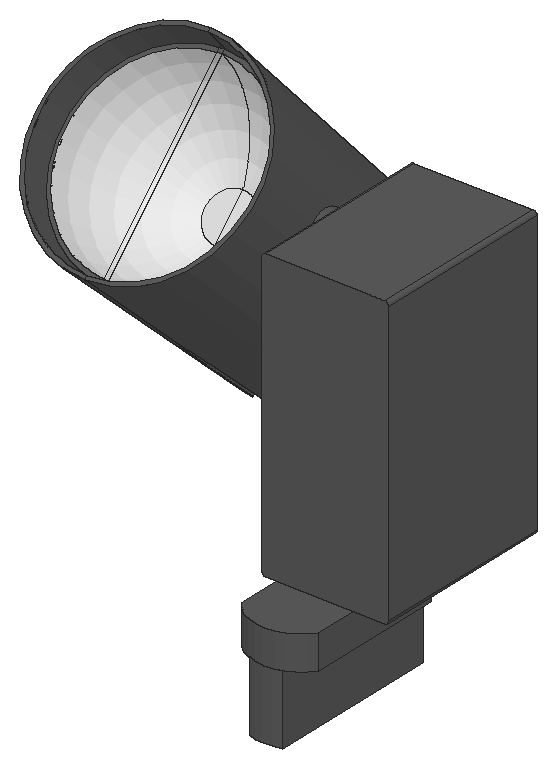
Revit family "0004837 Feilo Sylvania Lighting Fixture START TRACK SPOT S 14W 3K RA80 WB BLACK", category Lighting Fixtures, host Face, Revit 2017 (continued)
Definition of nested family "Start Track Spot Head"
  Types (96, lengths in mm): name | Wattage | built-in parameter 1150134 | Photometric Web File | Model | built-in parameter 1150105 | Lumens | built-in parameter 1150107 | built-in parameter 1150106 | HeadThickness_FEILO | HeadRibOffset_FEILO | HeadRibDepth_FEILO | HeadRibCutWidth_FEILO | HeadRibCutOffset_FEILO | HeadReflectorRadius_FEILO | HeadReflectorOffset_FEILO | HeadLEDRadius_FEILO | HeadHeight_FEILO | HeadDiffusorOffset_FEILO | HeadDiaOut_FEILO | HeadDiaIn_FEILO | HeadAxisFromTop_FEILO | Emit from Circle Diameter | built-in parameter 1150104 | Description | Apparent Load
    0004864 START TRACK SPOT S 24W 3K RA90 WB WHITE | 24 W | (empty or 0) | "0004864.ies" | "START TRACK SPOT S 24W 3K RA90 WB WHITE" | 152.79 (stored number, unit not read) | 1920 lm | 3000 (stored number, unit not read) | 1.5279 (stored number, unit not read) | 1.5 | 4.179 | 55.714 | 7.167 | 50.87 | 50.588 | 55.714 | 9.556 | 117 | 9.435 | 86 | 77.477 | 69.354 | 77.477 | 7.4322 (stored number, unit not read) | "Integrated LED spotlight, Textured White - RAL9016, compact and minimalist design, ideal for retail applications, die-cast aluminium body, passive cooling heatsink. Beam angle: 64°, color temperature: 3000K , total system power: 24W, total fixture output: 1928 lm, LOR: 100%, colour rendering: Ra: 90 typical, LED Chromaticity: 3 step MacAdam ellipse, lifetime: >50000 hours at L70B50, energy class: A++, A+, A, IR/UV free light source without heat radiation, operating voltage: 220-240V / 50-60Hz, drive current: 600mA, electronic driver, non-dimmable, power factor: 0.95, electrical protection: Class II, Global Track 3 Phase adapter suitable for Global trac 3-circuit tracks, ingress protection rating: IP20, suitable for internal environment only, horizontal rotation: 355°, vertical tilt: 90°, dimensions: Ø86x140x200, weight: 0.966kg." | 24 VA
    0004863 START TRACK SPOT S 24W 3K RA90 MB WHITE | 24 W | (empty or 0) | "0004863.ies" | "START TRACK SPOT S 24W 3K RA90 MB WHITE" | 154.7 (stored number, unit not read) | 1944 lm | 3000 (stored number, unit not read) | 1.547 (stored number, unit not read) | 1.5 | 4.179 | 55.714 | 7.167 | 50.87 | 50.588 | 55.714 | 9.556 | 117 | 9.435 | 86 | 77.477 | 69.354 | 77.477 | 7.5251 (stored number, unit not read) | "Integrated LED spotlight, Textured White - RAL9016, compact and minimalist design, ideal for retail applications, die-cast aluminium body, passive cooling heatsink. Beam angle: 36°, color temperature: 3000K , total system power: 24W, total fixture output: 1944 lm, LOR: 100%, colour rendering: Ra: 90 typical, LED Chromaticity: 3 step MacAdam ellipse, lifetime: >50000 hours at L70B50, energy class: A++, A+, A, IR/UV free light source without heat radiation, operating voltage: 220-240V / 50-60Hz, drive current: 600mA, electronic driver, non-dimmable, power factor: 0.95, electrical protection: Class II, Global Track 3 Phase adapter suitable for Global trac 3-circuit tracks, ingress protection rating: IP20, suitable for internal environment only, horizontal rotation: 355°, vertical tilt: 90°, dimensions: Ø86x140x200, weight: 0.966kg." | 24 VA
    0004862 START TRACK SPOT S 24W 3K RA90 NB WHITE | 24 W | (empty or 0) | "0004862.ies" | "START TRACK SPOT S 24W 3K RA90 NB WHITE" | 158.52 (stored number, unit not read) | 1992 lm | 3000 (stored number, unit not read) | 1.5852 (stored number, unit not read) | 1.5 | 4.179 | 55.714 | 7.167 | 50.87 | 50.588 | 55.714 | 9.556 | 117 | 9.435 | 86 | 77.477 | 69.354 | 77.477 | 7.711 (stored number, unit not read) | "Integrated LED spotlight, Textured White - RAL9016, compact and minimalist design, ideal for retail applications, die-cast aluminium body, passive cooling heatsink. Beam angle: 12°, color temperature: 3000K , total system power: 24W, total fixture output: 1987 lm, LOR: 100%, colour rendering: Ra: 90 typical, LED Chromaticity: 3 step MacAdam ellipse, lifetime: >50000 hours at L70B50, energy class: A++, A+, A, IR/UV free light source without heat radiation, operating voltage: 220-240V / 50-60Hz, drive current: 600mA, electronic driver, non-dimmable, power factor: 0.95, electrical protection: Class II, Global Track 3 Phase adapter suitable for Global trac 3-circuit tracks, ingress protection rating: IP20, suitable for internal environment only, horizontal rotation: 355°, vertical tilt: 90°, dimensions: Ø86x140x200, weight: 0.966kg." | 24 VA
    0004861 START TRACK SPOT S 14W 3K RA90 WB WHITE | 14 W | (empty or 0) | "0004861.ies" | "START TRACK SPOT S 14W 3K RA90 WB WHITE" | 100.27 (stored number, unit not read) | 1260 lm | 3000 (stored number, unit not read) | 1.0027 (stored number, unit not read) | 1.5 | 4.179 | 55.714 | 7.167 | 50.87 | 50.588 | 55.714 | 9.556 | 117 | 9.435 | 86 | 77.477 | 69.354 | 77.477 | 8.3613 (stored number, unit not read) | "Integrated LED spotlight, Textured White - RAL9016, compact and minimalist design, ideal for retail applications, die-cast aluminium body, passive cooling heatsink. Beam angle: 64°, color temperature: 3000K , total system power: 14W, total fixture output: 1262 lm, LOR: 100%, colour rendering: Ra: 90 typical, LED Chromaticity: 3 step MacAdam ellipse, lifetime: >50000 hours at L70B50, energy class: A++, A+, A, IR/UV free light source without heat radiation, operating voltage: 220-240V / 50-60Hz, drive current: 350mA, electronic driver, non-dimmable, power factor: 0.92, electrical protection: Class II, Global Track 3 Phase adapter suitable for Global trac 3-circuit tracks, ingress protection rating: IP20, suitable for internal environment only, horizontal rotation: 355°, vertical tilt: 90°, dimensions: Ø86x140x200, weight: 0.940kg." | 14 VA
    0004860 START TRACK SPOT S 14W 3K RA90 MB WHITE | 14 W | (empty or 0) | "0004860.ies" | "START TRACK SPOT S 14W 3K RA90 MB WHITE" | 100.27 (stored number, unit not read) | 1260 lm | 3000 (stored number, unit not read) | 1.0027 (stored number, unit not read) | 1.5 | 4.179 | 55.714 | 7.167 | 50.87 | 50.588 | 55.714 | 9.556 | 117 | 9.435 | 86 | 77.477 | 69.354 | 77.477 | 8.3613 (stored number, unit not read) | "Integrated LED spotlight, Textured White - RAL9016, compact and minimalist design, ideal for retail applications, die-cast aluminium body, passive cooling heatsink. Beam angle: 36°, color temperature: 3000K , total system power: 14W, total fixture output: 1262 lm, LOR: 100%, colour rendering: Ra: 90 typical, LED Chromaticity: 3 step MacAdam ellipse, lifetime: >50000 hours at L70B50, energy class: A++, A+, A, IR/UV free light source without heat radiation, operating voltage: 220-240V / 50-60Hz, drive current: 350mA, electronic driver, non-dimmable, power factor: 0.92, electrical protection: Class II, Global Track 3 Phase adapter suitable for Global trac 3-circuit tracks, ingress protection rating: IP20, suitable for internal environment only, horizontal rotation: 355°, vertical tilt: 90°, dimensions: Ø86x140x200, weight: 0.940kg." | 14 VA
    0004859 START TRACK SPOT S 14W 3K RA90 NB WHITE | 14 W | (empty or 0) | "0004859.ies" | "START TRACK SPOT S 14W 3K RA90 NB WHITE" | 102.5 (stored number, unit not read) | 1288 lm | 3000 (stored number, unit not read) | 1.025 (stored number, unit not read) | 1.5 | 4.179 | 55.714 | 7.167 | 50.87 | 50.588 | 55.714 | 9.556 | 117 | 9.435 | 86 | 77.477 | 69.354 | 77.477 | 8.5471 (stored number, unit not read) | "Integrated LED spotlight, Textured White - RAL9016, compact and minimalist design, ideal for retail applications, die-cast aluminium body, passive cooling heatsink. Beam angle: 12°, color temperature: 3000K , total system power: 14W, total fixture output: 1284 lm, LOR: 100%, colour rendering: Ra: 90 typical, LED Chromaticity: 3 step MacAdam ellipse, lifetime: >50000 hours at L70B50, energy class: A++, A+, A, IR/UV free light source without heat radiation, operating voltage: 220-240V / 50-60Hz, drive current: 350mA, electronic driver, non-dimmable, power factor: 0.92, electrical protection: Class II, Global Track 3 Phase adapter suitable for Global trac 3-circuit tracks, ingress protection rating: IP20, suitable for internal environment only, horizontal rotation: 355°, vertical tilt: 90°, dimensions: Ø86x140x200, weight: 0.940kg." | 14 VA
    0004858 START TRACK SPOT L 55W 4K RA80 WB BLACK | 55 W | 12 | "0004858.ies" | "START TRACK SPOT L 55W 4K RA80 WB BLACK" | 424.55 (stored number, unit not read) | 5335 lm | 4000 (stored number, unit not read) | 4.2455 (stored number, unit not read) | 2 | 4.429 | 59.048 | 9.417 | 53.913 | 66.471 | 59.048 | 12.556 | 124 | 10 | 113 | 101.802 | 73.503 | 101.802 | 9.0116 (stored number, unit not read) | "Integrated LED spotlight, Textured Black - RAL9005, compact and minimalist design, ideal for retail applications, die-cast aluminium body, passive cooling heatsink. Beam angle: 52°, color temperature: 4000K , total system power: 55W, total fixture output: 5320 lm, LOR: 100%, colour rendering: Ra: 80 typical, LED Chromaticity: 3 step MacAdam ellipse, lifetime: >50000 hours at L70B50, energy class: A++, A+, A, IR/UV free light source without heat radiation, operating voltage: 220-240V / 50-60Hz, drive current: 1400mA, electronic driver, non-dimmable, power factor: 0.96, electrical protection: Class II, Global Track 3 Phase adapter suitable for Global trac 3-circuit tracks, ingress protection rating: IP20, suitable for internal environment only, horizontal rotation: 355°, vertical tilt: 90°, dimensions: Ø113x164x240, weight: 1.398kg." | 55 VA
    0004857 START TRACK SPOT L 55W 4K RA80 MB BLACK | 55 W | 12 | "0004857.ies" | "START TRACK SPOT L 55W 4K RA80 MB BLACK" | 428.92 (stored number, unit not read) | 5390 lm | 4000 (stored number, unit not read) | 4.2892 (stored number, unit not read) | 2 | 4.429 | 59.048 | 9.417 | 53.913 | 66.471 | 59.048 | 12.556 | 124 | 10 | 113 | 101.802 | 73.503 | 101.802 | 9.1045 (stored number, unit not read) | "Integrated LED spotlight, Textured Black - RAL9005, compact and minimalist design, ideal for retail applications, die-cast aluminium body, passive cooling heatsink. Beam angle: 38°, color temperature: 4000K , total system power: 55W, total fixture output: 5378 lm, LOR: 100%, colour rendering: Ra: 80 typical, LED Chromaticity: 3 step MacAdam ellipse, lifetime: >50000 hours at L70B50, energy class: A++, A+, A, IR/UV free light source without heat radiation, operating voltage: 220-240V / 50-60Hz, drive current: 1400mA, electronic driver, non-dimmable, power factor: 0.96, electrical protection: Class II, Global Track 3 Phase adapter suitable for Global trac 3-circuit tracks, ingress protection rating: IP20, suitable for internal environment only, horizontal rotation: 355°, vertical tilt: 90°, dimensions: Ø113x164x240, weight: 1.398kg." | 55 VA
    0004856 START TRACK SPOT L 55W 4K RA80 NB BLACK | 55 W | 12 | "0004856.ies" | "START TRACK SPOT L 55W 4K RA80 NB BLACK" | 433.3 (stored number, unit not read) | 5445 lm | 4000 (stored number, unit not read) | 4.333 (stored number, unit not read) | 2 | 4.429 | 59.048 | 9.417 | 53.913 | 66.471 | 59.048 | 12.556 | 124 | 10 | 113 | 101.802 | 73.503 | 101.802 | 9.1974 (stored number, unit not read) | "Integrated LED spotlight, Textured Black - RAL9005, compact and minimalist design, ideal for retail applications, die-cast aluminium body, passive cooling heatsink. Beam angle: 15°, color temperature: 4000K , total system power: 55W, total fixture output: 5426 lm, LOR: 100%, colour rendering: Ra: 80 typical, LED Chromaticity: 3 step MacAdam ellipse, lifetime: >50000 hours at L70B50, energy class: A++, A+, A, IR/UV free light source without heat radiation, operating voltage: 220-240V / 50-60Hz, drive current: 1400mA, electronic driver, non-dimmable, power factor: 0.96, electrical protection: Class II, Global Track 3 Phase adapter suitable for Global trac 3-circuit tracks, ingress protection rating: IP20, suitable for internal environment only, horizontal rotation: 355°, vertical tilt: 90°, dimensions: Ø113x164x240, weight: 1.398kg." | 55 VA
    0004855 START TRACK SPOT L 35W 4K RA80 WB BLACK | 35 W | 12 | "0004855.ies" | "START TRACK SPOT L 35W 4K RA80 WB BLACK" | 320.3 (stored number, unit not read) | 4025 lm | 4000 (stored number, unit not read) | 3.203 (stored number, unit not read) | 2 | 4.429 | 59.048 | 9.417 | 53.913 | 66.471 | 59.048 | 12.556 | 124 | 10 | 113 | 101.802 | 73.503 | 101.802 | 10.684 (stored number, unit not read) | "Integrated LED spotlight, Textured Black - RAL9005, compact and minimalist design, ideal for retail applications, die-cast aluminium body, passive cooling heatsink. Beam angle: 52°, color temperature: 4000K , total system power: 35W, total fixture output: 4010 lm, LOR: 100%, colour rendering: Ra: 80 typical, LED Chromaticity: 3 step MacAdam ellipse, lifetime: >50000 hours at L70B50, energy class: A++, A+, A, IR/UV free light source without heat radiation, operating voltage: 220-240V / 50-60Hz, drive current: 900mA, electronic driver, non-dimmable, power factor: 0.93, electrical protection: Class II, Global Track 3 Phase adapter suitable for Global trac 3-circuit tracks, ingress protection rating: IP20, suitable for internal environment only, horizontal rotation: 355°, vertical tilt: 90°, dimensions: Ø113x164x240, weight: 1.368kg." | 35 VA
    0004854 START TRACK SPOT L 35W 4K RA80 MB BLACK | 35 W | 12 | "0004854.ies" | "START TRACK SPOT L 35W 4K RA80 MB BLACK" | 320.3 (stored number, unit not read) | 4025 lm | 4000 (stored number, unit not read) | 3.203 (stored number, unit not read) | 2 | 4.429 | 59.048 | 9.417 | 53.913 | 66.471 | 59.048 | 12.556 | 124 | 10 | 113 | 101.802 | 73.503 | 101.802 | 10.684 (stored number, unit not read) | "Integrated LED spotlight, Textured Black - RAL9005, compact and minimalist design, ideal for retail applications, die-cast aluminium body, passive cooling heatsink. Beam angle: 38°, color temperature: 4000K , total system power: 35W, total fixture output: 4017 lm, LOR: 100%, colour rendering: Ra: 80 typical, LED Chromaticity: 3 step MacAdam ellipse, lifetime: >50000 hours at L70B50, energy class: A++, A+, A, IR/UV free light source without heat radiation, operating voltage: 220-240V / 50-60Hz, drive current: 900mA, electronic driver, non-dimmable, power factor: 0.93, electrical protection: Class II, Global Track 3 Phase adapter suitable for Global trac 3-circuit tracks, ingress protection rating: IP20, suitable for internal environment only, horizontal rotation: 355°, vertical tilt: 90°, dimensions: Ø113x164x240, weight: 1.368kg." | 35 VA
    0004853 START TRACK SPOT L 35W 4K RA80 NB BLACK | 35 W | 12 | "0004853.ies" | "START TRACK SPOT L 35W 4K RA80 NB BLACK" | 331.44 (stored number, unit not read) | 4165 lm | 4000 (stored number, unit not read) | 3.3144 (stored number, unit not read) | 2 | 4.429 | 59.048 | 9.417 | 53.913 | 66.471 | 59.048 | 12.556 | 124 | 10 | 113 | 101.802 | 73.503 | 101.802 | 11.055 (stored number, unit not read) | "Integrated LED spotlight, Textured Black - RAL9005, compact and minimalist design, ideal for retail applications, die-cast aluminium body, passive cooling heatsink. Beam angle: 15°, color temperature: 4000K , total system power: 35W, total fixture output: 4174 lm, LOR: 100%, colour rendering: Ra: 80 typical, LED Chromaticity: 3 step MacAdam ellipse, lifetime: >50000 hours at L70B50, energy class: A++, A+, A, IR/UV free light source without heat radiation, operating voltage: 220-240V / 50-60Hz, drive current: 900mA, electronic driver, non-dimmable, power factor: 0.93, electrical protection: Class II, Global Track 3 Phase adapter suitable for Global trac 3-circuit tracks, ingress protection rating: IP20, suitable for internal environment only, horizontal rotation: 355°, vertical tilt: 90°, dimensions: Ø113x164x240, weight: 1.368kg." | 35 VA
    0004852 START TRACK SPOT S 24W 4K RA80 WB BLACK | 24 W | 12 | "0004852.ies" | "START TRACK SPOT S 24W 4K RA80 WB BLACK" | 196.72 (stored number, unit not read) | 2472 lm | 4000 (stored number, unit not read) | 1.9672 (stored number, unit not read) | 1.5 | 4.179 | 55.714 | 7.167 | 50.87 | 50.588 | 55.714 | 9.556 | 117 | 9.435 | 86 | 77.477 | 69.354 | 77.477 | 9.569 (stored number, unit not read) | "Integrated LED spotlight, Textured Black - RAL9005, compact and minimalist design, ideal for retail applications, die-cast aluminium body, passive cooling heatsink. Beam angle: 64°, color temperature: 4000K , total system power: 24W, total fixture output: 2476 lm, LOR: 100%, colour rendering: Ra: 80 typical, LED Chromaticity: 3 step MacAdam ellipse, lifetime: >50000 hours at L70B50, energy class: A++, A+, A, IR/UV free light source without heat radiation, operating voltage: 220-240V / 50-60Hz, drive current: 600mA, electronic driver, non-dimmable, power factor: 0.95, electrical protection: Class II, Global Track 3 Phase adapter suitable for Global trac 3-circuit tracks, ingress protection rating: IP20, suitable for internal environment only, horizontal rotation: 355°, vertical tilt: 90°, dimensions: Ø86x140x200, weight: 0.966kg." | 24 VA
    0004851 START TRACK SPOT S 24W 4K RA80 MB BLACK | 24 W | 12 | "0004851.ies" | "START TRACK SPOT S 24W 4K RA80 MB BLACK" | 198.63 (stored number, unit not read) | 2496 lm | 4000 (stored number, unit not read) | 1.9863 (stored number, unit not read) | 1.5 | 4.179 | 55.714 | 7.167 | 50.87 | 50.588 | 55.714 | 9.556 | 117 | 9.435 | 86 | 77.477 | 69.354 | 77.477 | 9.6619 (stored number, unit not read) | "Integrated LED spotlight, Textured Black - RAL9005, compact and minimalist design, ideal for retail applications, die-cast aluminium body, passive cooling heatsink. Beam angle: 36°, color temperature: 4000K , total system power: 24W, total fixture output: 2487 lm, LOR: 100%, colour rendering: Ra: 80 typical, LED Chromaticity: 3 step MacAdam ellipse, lifetime: >50000 hours at L70B50, energy class: A++, A+, A, IR/UV free light source without heat radiation, operating voltage: 220-240V / 50-60Hz, drive current: 600mA, electronic driver, non-dimmable, power factor: 0.95, electrical protection: Class II, Global Track 3 Phase adapter suitable for Global trac 3-circuit tracks, ingress protection rating: IP20, suitable for internal environment only, horizontal rotation: 355°, vertical tilt: 90°, dimensions: Ø86x140x200, weight: 0.966kg." | 24 VA
    0004850 START TRACK SPOT S 24W 4K RA80 NB BLACK | 24 W | 12 | "0004850.ies" | "START TRACK SPOT S 24W 4K RA80 NB BLACK" | 200.54 (stored number, unit not read) | 2520 lm | 4000 (stored number, unit not read) | 2.0054 (stored number, unit not read) | 1.5 | 4.179 | 55.714 | 7.167 | 50.87 | 50.588 | 55.714 | 9.556 | 117 | 9.435 | 86 | 77.477 | 69.354 | 77.477 | 9.7548 (stored number, unit not read) | "Integrated LED spotlight, Textured Black - RAL9005, compact and minimalist design, ideal for retail applications, die-cast aluminium body, passive cooling heatsink. Beam angle: 12°, color temperature: 4000K , total system power: 24W, total fixture output: 2529 lm, LOR: 100%, colour rendering: Ra: 80 typical, LED Chromaticity: 3 step MacAdam ellipse, lifetime: >50000 hours at L70B50, energy class: A++, A+, A, IR/UV free light source without heat radiation, operating voltage: 220-240V / 50-60Hz, drive current: 600mA, electronic driver, non-dimmable, power factor: 0.95, electrical protection: Class II, Global Track 3 Phase adapter suitable for Global trac 3-circuit tracks, ingress protection rating: IP20, suitable for internal environment only, horizontal rotation: 355°, vertical tilt: 90°, dimensions: Ø86x140x200, weight: 0.966kg." | 24 VA
    0004849 START TRACK SPOT S 14W 4K RA80 WB BLACK | 14 W | 12 | "0004849.ies" | "START TRACK SPOT S 14W 4K RA80 WB BLACK" | 123.66 (stored number, unit not read) | 1554 lm | 4000 (stored number, unit not read) | 1.2366 (stored number, unit not read) | 1.5 | 4.179 | 55.714 | 7.167 | 50.87 | 50.588 | 55.714 | 9.556 | 117 | 9.435 | 86 | 77.477 | 69.354 | 77.477 | 10.312 (stored number, unit not read) | "Integrated LED spotlight, Textured Black - RAL9005, compact and minimalist design, ideal for retail applications, die-cast aluminium body, passive cooling heatsink. Beam angle: 64°, color temperature: 4000K , total system power: 14W, total fixture output: 1558 lm, LOR: 100%, colour rendering: Ra: 80 typical, LED Chromaticity: 3 step MacAdam ellipse, lifetime: >50000 hours at L70B50, energy class: A++, A+, A, IR/UV free light source without heat radiation, operating voltage: 220-240V / 50-60Hz, drive current: 350mA, electronic driver, non-dimmable, power factor: 0.92, electrical protection: Class II, Global Track 3 Phase adapter suitable for Global trac 3-circuit tracks, ingress protection rating: IP20, suitable for internal environment only, horizontal rotation: 355°, vertical tilt: 90°, dimensions: Ø86x140x200, weight: 0.940kg." | 14 VA
    0004848 START TRACK SPOT S 14W 4K RA80 MB BLACK | 14 W | 12 | "0004848.ies" | "START TRACK SPOT S 14W 4K RA80 MB BLACK" | 127.01 (stored number, unit not read) | 1596 lm | 4000 (stored number, unit not read) | 1.2701 (stored number, unit not read) | 1.5 | 4.179 | 55.714 | 7.167 | 50.87 | 50.588 | 55.714 | 9.556 | 117 | 9.435 | 86 | 77.477 | 69.354 | 77.477 | 10.591 (stored number, unit not read) | "Integrated LED spotlight, Textured Black - RAL9005, compact and minimalist design, ideal for retail applications, die-cast aluminium body, passive cooling heatsink. Beam angle: 36°, color temperature: 4000K , total system power: 14W, total fixture output: 1598 lm, LOR: 100%, colour rendering: Ra: 80 typical, LED Chromaticity: 3 step MacAdam ellipse, lifetime: >50000 hours at L70B50, energy class: A++, A+, A, IR/UV free light source without heat radiation, operating voltage: 220-240V / 50-60Hz, drive current: 350mA, electronic driver, non-dimmable, power factor: 0.92, electrical protection: Class II, Global Track 3 Phase adapter suitable for Global trac 3-circuit tracks, ingress protection rating: IP20, suitable for internal environment only, horizontal rotation: 355°, vertical tilt: 90°, dimensions: Ø86x140x200, weight: 0.940kg." | 14 VA
    0004847 START TRACK SPOT S 14W 4K RA80 NB BLACK | 14 W | 12 | "0004847.ies" | "START TRACK SPOT S 14W 4K RA80 NB BLACK" | 128.12 (stored number, unit not read) | 1610 lm | 4000 (stored number, unit not read) | 1.2812 (stored number, unit not read) | 1.5 | 4.179 | 55.714 | 7.167 | 50.87 | 50.588 | 55.714 | 9.556 | 117 | 9.435 | 86 | 77.477 | 69.354 | 77.477 | 10.684 (stored number, unit not read) | "Integrated LED spotlight, Textured Black - RAL9005, compact and minimalist design, ideal for retail applications, die-cast aluminium body, passive cooling heatsink. Beam angle: 12°, color temperature: 4000K , total system power: 14W, total fixture output: 1608 lm, LOR: 100%, colour rendering: Ra: 80 typical, LED Chromaticity: 3 step MacAdam ellipse, lifetime: >50000 hours at L70B50, energy class: A++, A+, A, IR/UV free light source without heat radiation, operating voltage: 220-240V / 50-60Hz, drive current: 350mA, electronic driver, non-dimmable, power factor: 0.92, electrical protection: Class II, Global Track 3 Phase adapter suitable for Global trac 3-circuit tracks, ingress protection rating: IP20, suitable for internal environment only, horizontal rotation: 355°, vertical tilt: 90°, dimensions: Ø86x140x200, weight: 0.940kg." | 14 VA
    0004846 START TRACK SPOT L 55W 3K RA80 WB BLACK | 55 W | (empty or 0) | "0004846.ies" | "START TRACK SPOT L 55W 3K RA80 WB BLACK" | 420.17 (stored number, unit not read) | 5280 lm | 3000 (stored number, unit not read) | 4.2017 (stored number, unit not read) | 2 | 4.429 | 59.048 | 9.417 | 53.913 | 66.471 | 59.048 | 12.556 | 124 | 10 | 113 | 101.802 | 73.503 | 101.802 | 8.9187 (stored number, unit not read) | "Integrated LED spotlight, Textured Black - RAL9005, compact and minimalist design, ideal for retail applications, die-cast aluminium body, passive cooling heatsink. Beam angle: 52°, color temperature: 3000K , total system power: 55W, total fixture output: 5298 lm, LOR: 100%, colour rendering: Ra: 80 typical, LED Chromaticity: 3 step MacAdam ellipse, lifetime: >50000 hours at L70B50, energy class: A++, A+, A, IR/UV free light source without heat radiation, operating voltage: 220-240V / 50-60Hz, drive current: 1400mA, electronic driver, non-dimmable, power factor: 0.96, electrical protection: Class II, Global Track 3 Phase adapter suitable for Global trac 3-circuit tracks, ingress protection rating: IP20, suitable for internal environment only, horizontal rotation: 355°, vertical tilt: 90°, dimensions: Ø113x164x240, weight: 1.398kg." | 55 VA
    0004845 START TRACK SPOT L 55W 3K RA80 MB BLACK | 55 W | (empty or 0) | "0004845.ies" | "START TRACK SPOT L 55W 3K RA80 MB BLACK" | 428.92 (stored number, unit not read) | 5390 lm | 3000 (stored number, unit not read) | 4.2892 (stored number, unit not read) | 2 | 4.429 | 59.048 | 9.417 | 53.913 | 66.471 | 59.048 | 12.556 | 124 | 10 | 113 | 101.802 | 73.503 | 101.802 | 9.1045 (stored number, unit not read) | "Integrated LED spotlight, Textured Black - RAL9005, compact and minimalist design, ideal for retail applications, die-cast aluminium body, passive cooling heatsink. Beam angle: 38°, color temperature: 3000K , total system power: 55W, total fixture output: 5381 lm, LOR: 100%, colour rendering: Ra: 80 typical, LED Chromaticity: 3 step MacAdam ellipse, lifetime: >50000 hours at L70B50, energy class: A++, A+, A, IR/UV free light source without heat radiation, operating voltage: 220-240V / 50-60Hz, drive current: 1400mA, electronic driver, non-dimmable, power factor: 0.96, electrical protection: Class II, Global Track 3 Phase adapter suitable for Global trac 3-circuit tracks, ingress protection rating: IP20, suitable for internal environment only, horizontal rotation: 355°, vertical tilt: 90°, dimensions: Ø113x164x240, weight: 1.398kg." | 55 VA
    0004844 START TRACK SPOT L 55W 3K RA80 NB BLACK | 55 W | (empty or 0) | "0004844.ies" | "START TRACK SPOT L 55W 3K RA80 NB BLACK" | 433.3 (stored number, unit not read) | 5445 lm | 3000 (stored number, unit not read) | 4.333 (stored number, unit not read) | 2 | 4.429 | 59.048 | 9.417 | 53.913 | 66.471 | 59.048 | 12.556 | 124 | 10 | 113 | 101.802 | 73.503 | 101.802 | 9.1974 (stored number, unit not read) | "Integrated LED spotlight, Textured Black - RAL9005, compact and minimalist design, ideal for retail applications, die-cast aluminium body, passive cooling heatsink. Beam angle: 15°, color temperature: 3000K , total system power: 55W, total fixture output: 5449 lm, LOR: 100%, colour rendering: Ra: 80 typical, LED Chromaticity: 3 step MacAdam ellipse, lifetime: >50000 hours at L70B50, energy class: A++, A+, A, IR/UV free light source without heat radiation, operating voltage: 220-240V / 50-60Hz, drive current: 1400mA, electronic driver, non-dimmable, power factor: 0.96, electrical protection: Class II, Global Track 3 Phase adapter suitable for Global trac 3-circuit tracks, ingress protection rating: IP20, suitable for internal environment only, horizontal rotation: 355°, vertical tilt: 90°, dimensions: Ø113x164x240, weight: 1.398kg." | 55 VA
    0004843 START TRACK SPOT L 35W 3K RA80 WB BLACK | 35 W | (empty or 0) | "0004843.ies" | "START TRACK SPOT L 35W 3K RA80 WB BLACK" | 314.73 (stored number, unit not read) | 3955 lm | 3000 (stored number, unit not read) | 3.1473 (stored number, unit not read) | 2 | 4.429 | 59.048 | 9.417 | 53.913 | 66.471 | 59.048 | 12.556 | 124 | 10 | 113 | 101.802 | 73.503 | 101.802 | 10.498 (stored number, unit not read) | "Integrated LED spotlight, Textured Black - RAL9005, compact and minimalist design, ideal for retail applications, die-cast aluminium body, passive cooling heatsink. Beam angle: 52°, color temperature: 3000K , total system power: 35W, total fixture output: 3943 lm, LOR: 100%, colour rendering: Ra: 80 typical, LED Chromaticity: 3 step MacAdam ellipse, lifetime: >50000 hours at L70B50, energy class: A++, A+, A, IR/UV free light source without heat radiation, operating voltage: 220-240V / 50-60Hz, drive current: 900mA, electronic driver, non-dimmable, power factor: 0.93, electrical protection: Class II, Global Track 3 Phase adapter suitable for Global trac 3-circuit tracks, ingress protection rating: IP20, suitable for internal environment only, horizontal rotation: 355°, vertical tilt: 90°, dimensions: Ø113x164x240, weight: 1.368kg." | 35 VA
    0004842 START TRACK SPOT L 35W 3K RA80 MB BLACK | 35 W | (empty or 0) | "0004842.ies" | "START TRACK SPOT L 35W 3K RA80 MB BLACK" | 320.3 (stored number, unit not read) | 4025 lm | 3000 (stored number, unit not read) | 3.203 (stored number, unit not read) | 2 | 4.429 | 59.048 | 9.417 | 53.913 | 66.471 | 59.048 | 12.556 | 124 | 10 | 113 | 101.802 | 73.503 | 101.802 | 10.684 (stored number, unit not read) | "Integrated LED spotlight, Textured Black - RAL9005, compact and minimalist design, ideal for retail applications, die-cast aluminium body, passive cooling heatsink. Beam angle: 38°, color temperature: 3000K , total system power: 35W, total fixture output: 4008 lm, LOR: 100%, colour rendering: Ra: 80 typical, LED Chromaticity: 3 step MacAdam ellipse, lifetime: >50000 hours at L70B50, energy class: A++, A+, A, IR/UV free light source without heat radiation, operating voltage: 220-240V / 50-60Hz, drive current: 900mA, electronic driver, non-dimmable, power factor: 0.93, electrical protection: Class II, Global Track 3 Phase adapter suitable for Global trac 3-circuit tracks, ingress protection rating: IP20, suitable for internal environment only, horizontal rotation: 355°, vertical tilt: 90°, dimensions: Ø113x164x240, weight: 1.368kg." | 35 VA
    0004841 START TRACK SPOT L 35W 3K RA80 NB BLACK | 35 W | (empty or 0) | "0004841.ies" | "START TRACK SPOT L 35W 3K RA80 NB BLACK" | 317.51 (stored number, unit not read) | 3990 lm | 3000 (stored number, unit not read) | 3.1751 (stored number, unit not read) | 2 | 4.429 | 59.048 | 9.417 | 53.913 | 66.471 | 59.048 | 12.556 | 124 | 10 | 113 | 101.802 | 73.503 | 101.802 | 10.591 (stored number, unit not read) | "Integrated LED spotlight, Textured Black - RAL9005, compact and minimalist design, ideal for retail applications, die-cast aluminium body, passive cooling heatsink. Beam angle: 15°, color temperature: 3000K , total system power: 35W, total fixture output: 4005 lm, LOR: 100%, colour rendering: Ra: 80 typical, LED Chromaticity: 3 step MacAdam ellipse, lifetime: >50000 hours at L70B50, energy class: A++, A+, A, IR/UV free light source without heat radiation, operating voltage: 220-240V / 50-60Hz, drive current: 900mA, electronic driver, non-dimmable, power factor: 0.93, electrical protection: Class II, Global Track 3 Phase adapter suitable for Global trac 3-circuit tracks, ingress protection rating: IP20, suitable for internal environment only, horizontal rotation: 355°, vertical tilt: 90°, dimensions: Ø113x164x240, weight: 1.368kg." | 35 VA
    0004840 START TRACK SPOT S 24W 3K RA80 WB BLACK | 24 W | (empty or 0) | "0004840.ies" | "START TRACK SPOT S 24W 3K RA80 WB BLACK" | 185.26 (stored number, unit not read) | 2328 lm | 3000 (stored number, unit not read) | 1.8526 (stored number, unit not read) | 1.5 | 4.179 | 55.714 | 7.167 | 50.87 | 50.588 | 55.714 | 9.556 | 117 | 9.435 | 86 | 77.477 | 69.354 | 77.477 | 9.0116 (stored number, unit not read) | "Integrated LED spotlight, Textured Black - RAL9005, compact and minimalist design, ideal for retail applications, die-cast aluminium body, passive cooling heatsink. Beam angle: 64°, color temperature: 3000K , total system power: 24W, total fixture output: 2318 lm, LOR: 100%, colour rendering: Ra: 80 typical, LED Chromaticity: 3 step MacAdam ellipse, lifetime: >50000 hours at L70B50, energy class: A++, A+, A, IR/UV free light source without heat radiation, operating voltage: 220-240V / 50-60Hz, drive current: 600mA, electronic driver, non-dimmable, power factor: 0.95, electrical protection: Class II, Global Track 3 Phase adapter suitable for Global trac 3-circuit tracks, ingress protection rating: IP20, suitable for internal environment only, horizontal rotation: 355°, vertical tilt: 90°, dimensions: Ø86x140x200, weight: 0.966kg." | 24 VA
    0004839 START TRACK SPOT S 24W 3K RA80 MB BLACK | 24 W | (empty or 0) | "0004839.ies" | "START TRACK SPOT S 24W 3K RA80 MB BLACK" | 183.35 (stored number, unit not read) | 2304 lm | 3000 (stored number, unit not read) | 1.8335 (stored number, unit not read) | 1.5 | 4.179 | 55.714 | 7.167 | 50.87 | 50.588 | 55.714 | 9.556 | 117 | 9.435 | 86 | 77.477 | 69.354 | 77.477 | 8.9187 (stored number, unit not read) | "Integrated LED spotlight, Textured Black - RAL9005, compact and minimalist design, ideal for retail applications, die-cast aluminium body, passive cooling heatsink. Beam angle: 36°, color temperature: 3000K , total system power: 24W, total fixture output: 2314 lm, LOR: 100%, colour rendering: Ra: 80 typical, LED Chromaticity: 3 step MacAdam ellipse, lifetime: >50000 hours at L70B50, energy class: A++, A+, A, IR/UV free light source without heat radiation, operating voltage: 220-240V / 50-60Hz, drive current: 600mA, electronic driver, non-dimmable, power factor: 0.95, electrical protection: Class II, Global Track 3 Phase adapter suitable for Global trac 3-circuit tracks, ingress protection rating: IP20, suitable for internal environment only, horizontal rotation: 355°, vertical tilt: 90°, dimensions: Ø86x140x200, weight: 0.966kg." | 24 VA
    0004838 START TRACK SPOT S 24W 3K RA80 NB BLACK | 24 W | (empty or 0) | "0004838.ies" | "START TRACK SPOT S 24W 3K RA80 NB BLACK" | 185.26 (stored number, unit not read) | 2328 lm | 3000 (stored number, unit not read) | 1.8526 (stored number, unit not read) | 1.5 | 4.179 | 55.714 | 7.167 | 50.87 | 50.588 | 55.714 | 9.556 | 117 | 9.435 | 86 | 77.477 | 69.354 | 77.477 | 9.0116 (stored number, unit not read) | "Integrated LED spotlight, Textured Black - RAL9005, compact and minimalist design, ideal for retail applications, die-cast aluminium body, passive cooling heatsink. Beam angle: 12°, color temperature: 3000K , total system power: 24W, total fixture output: 2334 lm, LOR: 100%, colour rendering: Ra: 80 typical, LED Chromaticity: 3 step MacAdam ellipse, lifetime: >50000 hours at L70B50, energy class: A++, A+, A, IR/UV free light source without heat radiation, operating voltage: 220-240V / 50-60Hz, drive current: 600mA, electronic driver, non-dimmable, power factor: 0.95, electrical protection: Class II, Global Track 3 Phase adapter suitable for Global trac 3-circuit tracks, ingress protection rating: IP20, suitable for internal environment only, horizontal rotation: 355°, vertical tilt: 90°, dimensions: Ø86x140x200, weight: 0.966kg." | 24 VA
    0004837 START TRACK SPOT S 14W 3K RA80 WB BLACK | 14 W | (empty or 0) | "0004837.ies" | "START TRACK SPOT S 14W 3K RA80 WB BLACK" | 119.21 (stored number, unit not read) | 1498 lm | 3000 (stored number, unit not read) | 1.1921 (stored number, unit not read) | 1.5 | 4.179 | 55.714 | 7.167 | 50.87 | 50.588 | 55.714 | 9.556 | 117 | 9.435 | 86 | 77.477 | 69.354 | 77.477 | 9.9406 (stored number, unit not read) | "Integrated LED spotlight, Textured Black - RAL9005, compact and minimalist design, ideal for retail applications, die-cast aluminium body, passive cooling heatsink. Beam angle: 64°, color temperature: 3000K , total system power: 14W, total fixture output: 1498 lm, LOR: 100%, colour rendering: Ra: 80 typical, LED Chromaticity: 3 step MacAdam ellipse, lifetime: >50000 hours at L70B50, energy class: A++, A+, A, IR/UV free light source without heat radiation, operating voltage: 220-240V / 50-60Hz, drive current: 350mA, electronic driver, non-dimmable, power factor: 0.92, electrical protection: Class II, Global Track 3 Phase adapter suitable for Global trac 3-circuit tracks, ingress protection rating: IP20, suitable for internal environment only, horizontal rotation: 355°, vertical tilt: 90°, dimensions: Ø86x140x200, weight: 0.940kg." | 14 VA
    0004836 START TRACK SPOT S 14W 3K RA80 MB BLACK | 14 W | (empty or 0) | "0004836.ies" | "START TRACK SPOT S 14W 3K RA80 MB BLACK" | 120.32 (stored number, unit not read) | 1512 lm | 3000 (stored number, unit not read) | 1.2032 (stored number, unit not read) | 1.5 | 4.179 | 55.714 | 7.167 | 50.87 | 50.588 | 55.714 | 9.556 | 117 | 9.435 | 86 | 77.477 | 69.354 | 77.477 | 10.034 (stored number, unit not read) | "Integrated LED spotlight, Textured Black - RAL9005, compact and minimalist design, ideal for retail applications, die-cast aluminium body, passive cooling heatsink. Beam angle: 36°, color temperature: 3000K , total system power: 14W, total fixture output: 1508 lm, LOR: 100%, colour rendering: Ra: 80 typical, LED Chromaticity: 3 step MacAdam ellipse, lifetime: >50000 hours at L70B50, energy class: A++, A+, A, IR/UV free light source without heat radiation, operating voltage: 220-240V / 50-60Hz, drive current: 350mA, electronic driver, non-dimmable, power factor: 0.92, electrical protection: Class II, Global Track 3 Phase adapter suitable for Global trac 3-circuit tracks, ingress protection rating: IP20, suitable for internal environment only, horizontal rotation: 355°, vertical tilt: 90°, dimensions: Ø86x140x200, weight: 0.940kg." | 14 VA
    0004835 START TRACK SPOT S 14W 3K RA80 NB BLACK | 14 W | (empty or 0) | "0004835.ies" | "START TRACK SPOT S 14W 3K RA80 NB BLACK" | 123.66 (stored number, unit not read) | 1554 lm | 3000 (stored number, unit not read) | 1.2366 (stored number, unit not read) | 1.5 | 4.179 | 55.714 | 7.167 | 50.87 | 50.588 | 55.714 | 9.556 | 117 | 9.435 | 86 | 77.477 | 69.354 | 77.477 | 10.312 (stored number, unit not read) | "Integrated LED spotlight, Textured Black - RAL9005, compact and minimalist design, ideal for retail applications, die-cast aluminium body, passive cooling heatsink. Beam angle: 12°, color temperature: 3000K , total system power: 14W, total fixture output: 1551 lm, LOR: 100%, colour rendering: Ra: 80 typical, LED Chromaticity: 3 step MacAdam ellipse, lifetime: >50000 hours at L70B50, energy class: A++, A+, A, IR/UV free light source without heat radiation, operating voltage: 220-240V / 50-60Hz, drive current: 350mA, electronic driver, non-dimmable, power factor: 0.92, electrical protection: Class II, Global Track 3 Phase adapter suitable for Global trac 3-circuit tracks, ingress protection rating: IP20, suitable for internal environment only, horizontal rotation: 355°, vertical tilt: 90°, dimensions: Ø86x140x200, weight: 0.940kg." | 14 VA
    0004834 START TRACK SPOT L 55W 4K RA80 WB WHITE | 55 W | 12 | "0004834.ies" | "START TRACK SPOT L 55W 4K RA80 WB WHITE" | 424.55 (stored number, unit not read) | 5335 lm | 4000 (stored number, unit not read) | 4.2455 (stored number, unit not read) | 2 | 4.429 | 59.048 | 9.417 | 53.913 | 66.471 | 59.048 | 12.556 | 124 | 10 | 113 | 101.802 | 73.503 | 101.802 | 9.0116 (stored number, unit not read) | "Integrated LED spotlight, Textured White - RAL9016, compact and minimalist design, ideal for retail applications, die-cast aluminium body, passive cooling heatsink. Beam angle: 52°, color temperature: 4000K , total system power: 55W, total fixture output: 5320 lm, LOR: 100%, colour rendering: Ra: 80 typical, LED Chromaticity: 3 step MacAdam ellipse, lifetime: >50000 hours at L70B50, energy class: A++, A+, A, IR/UV free light source without heat radiation, operating voltage: 220-240V / 50-60Hz, drive current: 1400mA, electronic driver, non-dimmable, power factor: 0.96, electrical protection: Class II, Global Track 3 Phase adapter suitable for Global trac 3-circuit tracks, ingress protection rating: IP20, suitable for internal environment only, horizontal rotation: 355°, vertical tilt: 90°, dimensions: Ø113x164x240, weight: 1.398kg." | 55 VA
    0004833 START TRACK SPOT L 55W 4K RA80 MB WHITE | 55 W | 12 | "0004833.ies" | "START TRACK SPOT L 55W 4K RA80 MB WHITE" | 428.92 (stored number, unit not read) | 5390 lm | 4000 (stored number, unit not read) | 4.2892 (stored number, unit not read) | 2 | 4.429 | 59.048 | 9.417 | 53.913 | 66.471 | 59.048 | 12.556 | 124 | 10 | 113 | 101.802 | 73.503 | 101.802 | 9.1045 (stored number, unit not read) | "Integrated LED spotlight, Textured White - RAL9016, compact and minimalist design, ideal for retail applications, die-cast aluminium body, passive cooling heatsink. Beam angle: 38°, color temperature: 4000K , total system power: 55W, total fixture output: 5378 lm, LOR: 100%, colour rendering: Ra: 80 typical, LED Chromaticity: 3 step MacAdam ellipse, lifetime: >50000 hours at L70B50, energy class: A++, A+, A, IR/UV free light source without heat radiation, operating voltage: 220-240V / 50-60Hz, drive current: 1400mA, electronic driver, non-dimmable, power factor: 0.96, electrical protection: Class II, Global Track 3 Phase adapter suitable for Global trac 3-circuit tracks, ingress protection rating: IP20, suitable for internal environment only, horizontal rotation: 355°, vertical tilt: 90°, dimensions: Ø113x164x240, weight: 1.398kg." | 55 VA
    0004832 START TRACK SPOT L 55W 4K RA80 NB WHITE | 55 W | 12 | "0004832.ies" | "START TRACK SPOT L 55W 4K RA80 NB WHITE" | 433.3 (stored number, unit not read) | 5445 lm | 4000 (stored number, unit not read) | 4.333 (stored number, unit not read) | 2 | 4.429 | 59.048 | 9.417 | 53.913 | 66.471 | 59.048 | 12.556 | 124 | 10 | 113 | 101.802 | 73.503 | 101.802 | 9.1974 (stored number, unit not read) | "Integrated LED spotlight, Textured White - RAL9016, compact and minimalist design, ideal for retail applications, die-cast aluminium body, passive cooling heatsink. Beam angle: 15°, color temperature: 4000K , total system power: 55W, total fixture output: 5426 lm, LOR: 100%, colour rendering: Ra: 80 typical, LED Chromaticity: 3 step MacAdam ellipse, lifetime: >50000 hours at L70B50, energy class: A++, A+, A, IR/UV free light source without heat radiation, operating voltage: 220-240V / 50-60Hz, drive current: 1400mA, electronic driver, non-dimmable, power factor: 0.96, electrical protection: Class II, Global Track 3 Phase adapter suitable for Global trac 3-circuit tracks, ingress protection rating: IP20, suitable for internal environment only, horizontal rotation: 355°, vertical tilt: 90°, dimensions: Ø113x164x240, weight: 1.398kg." | 55 VA
    0004831 START TRACK SPOT L 35W 4K RA80 WB WHITE | 35 W | 12 | "0004831.ies" | "START TRACK SPOT L 35W 4K RA80 WB WHITE" | 320.3 (stored number, unit not read) | 4025 lm | 4000 (stored number, unit not read) | 3.203 (stored number, unit not read) | 2 | 4.429 | 59.048 | 9.417 | 53.913 | 66.471 | 59.048 | 12.556 | 124 | 10 | 113 | 101.802 | 73.503 | 101.802 | 10.684 (stored number, unit not read) | "Integrated LED spotlight, Textured White - RAL9016, compact and minimalist design, ideal for retail applications, die-cast aluminium body, passive cooling heatsink. Beam angle: 52°, color temperature: 4000K , total system power: 35W, total fixture output: 4010 lm, LOR: 100%, colour rendering: Ra: 80 typical, LED Chromaticity: 3 step MacAdam ellipse, lifetime: >50000 hours at L70B50, energy class: A++, A+, A, IR/UV free light source without heat radiation, operating voltage: 220-240V / 50-60Hz, drive current: 900mA, electronic driver, non-dimmable, power factor: 0.93, electrical protection: Class II, Global Track 3 Phase adapter suitable for Global trac 3-circuit tracks, ingress protection rating: IP20, suitable for internal environment only, horizontal rotation: 355°, vertical tilt: 90°, dimensions: Ø113x164x240, weight: 1.368kg." | 35 VA
    0004830 START TRACK SPOT L 35W 4K RA80 MB WHITE | 35 W | 12 | "0004830.ies" | "START TRACK SPOT L 35W 4K RA80 MB WHITE" | 320.3 (stored number, unit not read) | 4025 lm | 4000 (stored number, unit not read) | 3.203 (stored number, unit not read) | 2 | 4.429 | 59.048 | 9.417 | 53.913 | 66.471 | 59.048 | 12.556 | 124 | 10 | 113 | 101.802 | 73.503 | 101.802 | 10.684 (stored number, unit not read) | "Integrated LED spotlight, Textured White - RAL9016, compact and minimalist design, ideal for retail applications, die-cast aluminium body, passive cooling heatsink. Beam angle: 38°, color temperature: 4000K , total system power: 35W, total fixture output: 4017 lm, LOR: 100%, colour rendering: Ra: 80 typical, LED Chromaticity: 3 step MacAdam ellipse, lifetime: >50000 hours at L70B50, energy class: A++, A+, A, IR/UV free light source without heat radiation, operating voltage: 220-240V / 50-60Hz, drive current: 900mA, electronic driver, non-dimmable, power factor: 0.93, electrical protection: Class II, Global Track 3 Phase adapter suitable for Global trac 3-circuit tracks, ingress protection rating: IP20, suitable for internal environment only, horizontal rotation: 355°, vertical tilt: 90°, dimensions: Ø113x164x240, weight: 1.368kg." | 35 VA
    0004829 START TRACK SPOT L 35W 4K RA80 NB WHITE | 35 W | 12 | "0004829.ies" | "START TRACK SPOT L 35W 4K RA80 NB WHITE" | 331.44 (stored number, unit not read) | 4165 lm | 4000 (stored number, unit not read) | 3.3144 (stored number, unit not read) | 2 | 4.429 | 59.048 | 9.417 | 53.913 | 66.471 | 59.048 | 12.556 | 124 | 10 | 113 | 101.802 | 73.503 | 101.802 | 11.055 (stored number, unit not read) | "Integrated LED spotlight, Textured White - RAL9016, compact and minimalist design, ideal for retail applications, die-cast aluminium body, passive cooling heatsink. Beam angle: 15°, color temperature: 4000K , total system power: 35W, total fixture output: 4174 lm, LOR: 100%, colour rendering: Ra: 80 typical, LED Chromaticity: 3 step MacAdam ellipse, lifetime: >50000 hours at L70B50, energy class: A++, A+, A, IR/UV free light source without heat radiation, operating voltage: 220-240V / 50-60Hz, drive current: 900mA, electronic driver, non-dimmable, power factor: 0.93, electrical protection: Class II, Global Track 3 Phase adapter suitable for Global trac 3-circuit tracks, ingress protection rating: IP20, suitable for internal environment only, horizontal rotation: 355°, vertical tilt: 90°, dimensions: Ø113x164x240, weight: 1.368kg." | 35 VA
    0004828 START TRACK SPOT S 24W 4K RA80 WB WHITE | 24 W | 12 | "0004828.ies" | "START TRACK SPOT S 24W 4K RA80 WB WHITE" | 196.72 (stored number, unit not read) | 2472 lm | 4000 (stored number, unit not read) | 1.9672 (stored number, unit not read) | 1.5 | 4.179 | 55.714 | 7.167 | 50.87 | 50.588 | 55.714 | 9.556 | 117 | 9.435 | 86 | 77.477 | 69.354 | 77.477 | 9.569 (stored number, unit not read) | "Integrated LED spotlight, Textured White - RAL9016, compact and minimalist design, ideal for retail applications, die-cast aluminium body, passive cooling heatsink. Beam angle: 64°, color temperature: 4000K , total system power: 24W, total fixture output: 2476 lm, LOR: 100%, colour rendering: Ra: 80 typical, LED Chromaticity: 3 step MacAdam ellipse, lifetime: >50000 hours at L70B50, energy class: A++, A+, A, IR/UV free light source without heat radiation, operating voltage: 220-240V / 50-60Hz, drive current: 600mA, electronic driver, non-dimmable, power factor: 0.95, electrical protection: Class II, Global Track 3 Phase adapter suitable for Global trac 3-circuit tracks, ingress protection rating: IP20, suitable for internal environment only, horizontal rotation: 355°, vertical tilt: 90°, dimensions: Ø86x140x200, weight: 0.966kg." | 24 VA
    0004827 START TRACK SPOT S 24W 4K RA80 MB WHITE | 24 W | 12 | "0004827.ies" | "START TRACK SPOT S 24W 4K RA80 MB WHITE" | 198.63 (stored number, unit not read) | 2496 lm | 4000 (stored number, unit not read) | 1.9863 (stored number, unit not read) | 1.5 | 4.179 | 55.714 | 7.167 | 50.87 | 50.588 | 55.714 | 9.556 | 117 | 9.435 | 86 | 77.477 | 69.354 | 77.477 | 9.6619 (stored number, unit not read) | "Integrated LED spotlight, Textured White - RAL9016, compact and minimalist design, ideal for retail applications, die-cast aluminium body, passive cooling heatsink. Beam angle: 36°, color temperature: 4000K , total system power: 24W, total fixture output: 2487 lm, LOR: 100%, colour rendering: Ra: 80 typical, LED Chromaticity: 3 step MacAdam ellipse, lifetime: >50000 hours at L70B50, energy class: A++, A+, A, IR/UV free light source without heat radiation, operating voltage: 220-240V / 50-60Hz, drive current: 600mA, electronic driver, non-dimmable, power factor: 0.95, electrical protection: Class II, Global Track 3 Phase adapter suitable for Global trac 3-circuit tracks, ingress protection rating: IP20, suitable for internal environment only, horizontal rotation: 355°, vertical tilt: 90°, dimensions: Ø86x140x200, weight: 0.966kg." | 24 VA
    0004826 START TRACK SPOT S 24W 4K RA80 NB WHITE | 24 W | 12 | "0004826.ies" | "START TRACK SPOT S 24W 4K RA80 NB WHITE" | 200.54 (stored number, unit not read) | 2520 lm | 4000 (stored number, unit not read) | 2.0054 (stored number, unit not read) | 1.5 | 4.179 | 55.714 | 7.167 | 50.87 | 50.588 | 55.714 | 9.556 | 117 | 9.435 | 86 | 77.477 | 69.354 | 77.477 | 9.7548 (stored number, unit not read) | "Integrated LED spotlight, Textured White - RAL9016, compact and minimalist design, ideal for retail applications, die-cast aluminium body, passive cooling heatsink. Beam angle: 12°, color temperature: 4000K , total system power: 24W, total fixture output: 2529 lm, LOR: 100%, colour rendering: Ra: 80 typical, LED Chromaticity: 3 step MacAdam ellipse, lifetime: >50000 hours at L70B50, energy class: A++, A+, A, IR/UV free light source without heat radiation, operating voltage: 220-240V / 50-60Hz, drive current: 600mA, electronic driver, non-dimmable, power factor: 0.95, electrical protection: Class II, Global Track 3 Phase adapter suitable for Global trac 3-circuit tracks, ingress protection rating: IP20, suitable for internal environment only, horizontal rotation: 355°, vertical tilt: 90°, dimensions: Ø86x140x200, weight: 0.966kg." | 24 VA
    0004825 START TRACK SPOT S 14W 4K RA80 WB WHITE | 14 W | 12 | "0004825.ies" | "START TRACK SPOT S 14W 4K RA80 WB WHITE" | 123.66 (stored number, unit not read) | 1554 lm | 4000 (stored number, unit not read) | 1.2366 (stored number, unit not read) | 1.5 | 4.179 | 55.714 | 7.167 | 50.87 | 50.588 | 55.714 | 9.556 | 117 | 9.435 | 86 | 77.477 | 69.354 | 77.477 | 10.312 (stored number, unit not read) | "Integrated LED spotlight, Textured White - RAL9016, compact and minimalist design, ideal for retail applications, die-cast aluminium body, passive cooling heatsink. Beam angle: 64°, color temperature: 4000K , total system power: 14W, total fixture output: 1558 lm, LOR: 100%, colour rendering: Ra: 80 typical, LED Chromaticity: 3 step MacAdam ellipse, lifetime: >50000 hours at L70B50, energy class: A++, A+, A, IR/UV free light source without heat radiation, operating voltage: 220-240V / 50-60Hz, drive current: 350mA, electronic driver, non-dimmable, power factor: 0.92, electrical protection: Class II, Global Track 3 Phase adapter suitable for Global trac 3-circuit tracks, ingress protection rating: IP20, suitable for internal environment only, horizontal rotation: 355°, vertical tilt: 90°, dimensions: Ø86x140x200, weight: 0.940kg." | 14 VA
    0004824 START TRACK SPOT S 14W 4K RA80 MB WHITE | 14 W | 12 | "0004824.ies" | "START TRACK SPOT S 14W 4K RA80 MB WHITE" | 127.01 (stored number, unit not read) | 1596 lm | 4000 (stored number, unit not read) | 1.2701 (stored number, unit not read) | 1.5 | 4.179 | 55.714 | 7.167 | 50.87 | 50.588 | 55.714 | 9.556 | 117 | 9.435 | 86 | 77.477 | 69.354 | 77.477 | 10.591 (stored number, unit not read) | "Integrated LED spotlight, Textured White - RAL9016, compact and minimalist design, ideal for retail applications, die-cast aluminium body, passive cooling heatsink. Beam angle: 36°, color temperature: 4000K , total system power: 14W, total fixture output: 1598 lm, LOR: 100%, colour rendering: Ra: 80 typical, LED Chromaticity: 3 step MacAdam ellipse, lifetime: >50000 hours at L70B50, energy class: A++, A+, A, IR/UV free light source without heat radiation, operating voltage: 220-240V / 50-60Hz, drive current: 350mA, electronic driver, non-dimmable, power factor: 0.92, electrical protection: Class II, Global Track 3 Phase adapter suitable for Global trac 3-circuit tracks, ingress protection rating: IP20, suitable for internal environment only, horizontal rotation: 355°, vertical tilt: 90°, dimensions: Ø86x140x200, weight: 0.940kg." | 14 VA
    0004823 START TRACK SPOT S 14W 4K RA80 NB WHITE | 14 W | 12 | "0004823.ies" | "START TRACK SPOT S 14W 4K RA80 NB WHITE" | 128.12 (stored number, unit not read) | 1610 lm | 4000 (stored number, unit not read) | 1.2812 (stored number, unit not read) | 1.5 | 4.179 | 55.714 | 7.167 | 50.87 | 50.588 | 55.714 | 9.556 | 117 | 9.435 | 86 | 77.477 | 69.354 | 77.477 | 10.684 (stored number, unit not read) | "Integrated LED spotlight, Textured White - RAL9016, compact and minimalist design, ideal for retail applications, die-cast aluminium body, passive cooling heatsink. Beam angle: 12°, color temperature: 4000K , total system power: 14W, total fixture output: 1608 lm, LOR: 100%, colour rendering: Ra: 80 typical, LED Chromaticity: 3 step MacAdam ellipse, lifetime: >50000 hours at L70B50, energy class: A++, A+, A, IR/UV free light source without heat radiation, operating voltage: 220-240V / 50-60Hz, drive current: 350mA, electronic driver, non-dimmable, power factor: 0.92, electrical protection: Class II, Global Track 3 Phase adapter suitable for Global trac 3-circuit tracks, ingress protection rating: IP20, suitable for internal environment only, horizontal rotation: 355°, vertical tilt: 90°, dimensions: Ø86x140x200, weight: 0.940kg." | 14 VA
    0004822 START TRACK SPOT L 55W 3K RA80 WB WHITE | 55 W | (empty or 0) | "0004822.ies" | "START TRACK SPOT L 55W 3K RA80 WB WHITE" | 420.17 (stored number, unit not read) | 5280 lm | 3000 (stored number, unit not read) | 4.2017 (stored number, unit not read) | 2 | 4.429 | 59.048 | 9.417 | 53.913 | 66.471 | 59.048 | 12.556 | 124 | 10 | 113 | 101.802 | 73.503 | 101.802 | 8.9187 (stored number, unit not read) | "Integrated LED spotlight, Textured White - RAL9016, compact and minimalist design, ideal for retail applications, die-cast aluminium body, passive cooling heatsink. Beam angle: 52°, color temperature: 3000K , total system power: 55W, total fixture output: 5298 lm, LOR: 100%, colour rendering: Ra: 80 typical, LED Chromaticity: 3 step MacAdam ellipse, lifetime: >50000 hours at L70B50, energy class: A++, A+, A, IR/UV free light source without heat radiation, operating voltage: 220-240V / 50-60Hz, drive current: 1400mA, electronic driver, non-dimmable, power factor: 0.96, electrical protection: Class II, Global Track 3 Phase adapter suitable for Global trac 3-circuit tracks, ingress protection rating: IP20, suitable for internal environment only, horizontal rotation: 355°, vertical tilt: 90°, dimensions: Ø113x164x240, weight: 1.398kg." | 55 VA
    0004821 START TRACK SPOT L 55W 3K RA80 MB WHITE | 55 W | (empty or 0) | "0004821.ies" | "START TRACK SPOT L 55W 3K RA80 MB WHITE" | 428.92 (stored number, unit not read) | 5390 lm | 3000 (stored number, unit not read) | 4.2892 (stored number, unit not read) | 2 | 4.429 | 59.048 | 9.417 | 53.913 | 66.471 | 59.048 | 12.556 | 124 | 10 | 113 | 101.802 | 73.503 | 101.802 | 9.1045 (stored number, unit not read) | "Integrated LED spotlight, Textured White - RAL9016, compact and minimalist design, ideal for retail applications, die-cast aluminium body, passive cooling heatsink. Beam angle: 38°, color temperature: 3000K , total system power: 55W, total fixture output: 5381 lm, LOR: 100%, colour rendering: Ra: 80 typical, LED Chromaticity: 3 step MacAdam ellipse, lifetime: >50000 hours at L70B50, energy class: A++, A+, A, IR/UV free light source without heat radiation, operating voltage: 220-240V / 50-60Hz, drive current: 1400mA, electronic driver, non-dimmable, power factor: 0.96, electrical protection: Class II, Global Track 3 Phase adapter suitable for Global trac 3-circuit tracks, ingress protection rating: IP20, suitable for internal environment only, horizontal rotation: 355°, vertical tilt: 90°, dimensions: Ø113x164x240, weight: 1.398kg." | 55 VA
    0004820 START TRACK SPOT L 55W 3K RA80 NB WHITE | 55 W | (empty or 0) | "0004820.ies" | "START TRACK SPOT L 55W 3K RA80 NB WHITE" | 433.3 (stored number, unit not read) | 5445 lm | 3000 (stored number, unit not read) | 4.333 (stored number, unit not read) | 2 | 4.429 | 59.048 | 9.417 | 53.913 | 66.471 | 59.048 | 12.556 | 124 | 10 | 113 | 101.802 | 73.503 | 101.802 | 9.1974 (stored number, unit not read) | "Integrated LED spotlight, Textured White - RAL9016, compact and minimalist design, ideal for retail applications, die-cast aluminium body, passive cooling heatsink. Beam angle: 15°, color temperature: 3000K , total system power: 55W, total fixture output: 5449 lm, LOR: 100%, colour rendering: Ra: 80 typical, LED Chromaticity: 3 step MacAdam ellipse, lifetime: >50000 hours at L70B50, energy class: A++, A+, A, IR/UV free light source without heat radiation, operating voltage: 220-240V / 50-60Hz, drive current: 1400mA, electronic driver, non-dimmable, power factor: 0.96, electrical protection: Class II, Global Track 3 Phase adapter suitable for Global trac 3-circuit tracks, ingress protection rating: IP20, suitable for internal environment only, horizontal rotation: 355°, vertical tilt: 90°, dimensions: Ø113x164x240, weight: 1.398kg." | 55 VA
    0004819 START TRACK SPOT L 35W 3K RA80 WB WHITE | 35 W | (empty or 0) | "0004819.ies" | "START TRACK SPOT L 35W 3K RA80 WB WHITE" | 314.73 (stored number, unit not read) | 3955 lm | 3000 (stored number, unit not read) | 3.1473 (stored number, unit not read) | 2 | 4.429 | 59.048 | 9.417 | 53.913 | 66.471 | 59.048 | 12.556 | 124 | 10 | 113 | 101.802 | 73.503 | 101.802 | 10.498 (stored number, unit not read) | "Integrated LED spotlight, Textured White - RAL9016, compact and minimalist design, ideal for retail applications, die-cast aluminium body, passive cooling heatsink. Beam angle: 52°, color temperature: 3000K , total system power: 35W, total fixture output: 3943 lm, LOR: 100%, colour rendering: Ra: 80 typical, LED Chromaticity: 3 step MacAdam ellipse, lifetime: >50000 hours at L70B50, energy class: A++, A+, A, IR/UV free light source without heat radiation, operating voltage: 220-240V / 50-60Hz, drive current: 900mA, electronic driver, non-dimmable, power factor: 0.93, electrical protection: Class II, Global Track 3 Phase adapter suitable for Global trac 3-circuit tracks, ingress protection rating: IP20, suitable for internal environment only, horizontal rotation: 355°, vertical tilt: 90°, dimensions: Ø113x164x240, weight: 1.368kg." | 35 VA
    0004818 START TRACK SPOT L 35W 3K RA80 MB WHITE | 35 W | (empty or 0) | "0004818.ies" | "START TRACK SPOT L 35W 3K RA80 MB WHITE" | 320.3 (stored number, unit not read) | 4025 lm | 3000 (stored number, unit not read) | 3.203 (stored number, unit not read) | 2 | 4.429 | 59.048 | 9.417 | 53.913 | 66.471 | 59.048 | 12.556 | 124 | 10 | 113 | 101.802 | 73.503 | 101.802 | 10.684 (stored number, unit not read) | "Integrated LED spotlight, Textured White - RAL9016, compact and minimalist design, ideal for retail applications, die-cast aluminium body, passive cooling heatsink. Beam angle: 38°, color temperature: 3000K , total system power: 35W, total fixture output: 4008 lm, LOR: 100%, colour rendering: Ra: 80 typical, LED Chromaticity: 3 step MacAdam ellipse, lifetime: >50000 hours at L70B50, energy class: A++, A+, A, IR/UV free light source without heat radiation, operating voltage: 220-240V / 50-60Hz, drive current: 900mA, electronic driver, non-dimmable, power factor: 0.93, electrical protection: Class II, Global Track 3 Phase adapter suitable for Global trac 3-circuit tracks, ingress protection rating: IP20, suitable for internal environment only, horizontal rotation: 355°, vertical tilt: 90°, dimensions: Ø113x164x240, weight: 1.368kg." | 35 VA
    0004817 START TRACK SPOT L 35W 3K RA80 NB WHITE | 35 W | (empty or 0) | "0004817.ies" | "START TRACK SPOT L 35W 3K RA80 NB WHITE" | 317.51 (stored number, unit not read) | 3990 lm | 3000 (stored number, unit not read) | 3.1751 (stored number, unit not read) | 2 | 4.429 | 59.048 | 9.417 | 53.913 | 66.471 | 59.048 | 12.556 | 124 | 10 | 113 | 101.802 | 73.503 | 101.802 | 10.591 (stored number, unit not read) | "Integrated LED spotlight, Textured White - RAL9016, compact and minimalist design, ideal for retail applications, die-cast aluminium body, passive cooling heatsink. Beam angle: 15°, color temperature: 3000K , total system power: 35W, total fixture output: 4005 lm, LOR: 100%, colour rendering: Ra: 80 typical, LED Chromaticity: 3 step MacAdam ellipse, lifetime: >50000 hours at L70B50, energy class: A++, A+, A, IR/UV free light source without heat radiation, operating voltage: 220-240V / 50-60Hz, drive current: 900mA, electronic driver, non-dimmable, power factor: 0.93, electrical protection: Class II, Global Track 3 Phase adapter suitable for Global trac 3-circuit tracks, ingress protection rating: IP20, suitable for internal environment only, horizontal rotation: 355°, vertical tilt: 90°, dimensions: Ø113x164x240, weight: 1.368kg." | 35 VA
    0004816 START TRACK SPOT S 24W 3K RA80 WB WHITE | 24 W | (empty or 0) | "0004816.ies" | "START TRACK SPOT S 24W 3K RA80 WB WHITE" | 185.26 (stored number, unit not read) | 2328 lm | 3000 (stored number, unit not read) | 1.8526 (stored number, unit not read) | 1.5 | 4.179 | 55.714 | 7.167 | 50.87 | 50.588 | 55.714 | 9.556 | 117 | 9.435 | 86 | 77.477 | 69.354 | 77.477 | 9.0116 (stored number, unit not read) | "Integrated LED spotlight, Textured White - RAL9016, compact and minimalist design, ideal for retail applications, die-cast aluminium body, passive cooling heatsink. Beam angle: 64°, color temperature: 3000K , total system power: 24W, total fixture output: 2318 lm, LOR: 100%, colour rendering: Ra: 80 typical, LED Chromaticity: 3 step MacAdam ellipse, lifetime: >50000 hours at L70B50, energy class: A++, A+, A, IR/UV free light source without heat radiation, operating voltage: 220-240V / 50-60Hz, drive current: 600mA, electronic driver, non-dimmable, power factor: 0.95, electrical protection: Class II, Global Track 3 Phase adapter suitable for Global trac 3-circuit tracks, ingress protection rating: IP20, suitable for internal environment only, horizontal rotation: 355°, vertical tilt: 90°, dimensions: Ø86x140x200, weight: 0.966kg." | 24 VA
    0004815 START TRACK SPOT S 24W 3K RA80 MB WHITE | 24 W | (empty or 0) | "0004815.ies" | "START TRACK SPOT S 24W 3K RA80 MB WHITE" | 183.35 (stored number, unit not read) | 2304 lm | 3000 (stored number, unit not read) | 1.8335 (stored number, unit not read) | 1.5 | 4.179 | 55.714 | 7.167 | 50.87 | 50.588 | 55.714 | 9.556 | 117 | 9.435 | 86 | 77.477 | 69.354 | 77.477 | 8.9187 (stored number, unit not read) | "Integrated LED spotlight, Textured White - RAL9016, compact and minimalist design, ideal for retail applications, die-cast aluminium body, passive cooling heatsink. Beam angle: 36°, color temperature: 3000K , total system power: 24W, total fixture output: 2314 lm, LOR: 100%, colour rendering: Ra: 80 typical, LED Chromaticity: 3 step MacAdam ellipse, lifetime: >50000 hours at L70B50, energy class: A++, A+, A, IR/UV free light source without heat radiation, operating voltage: 220-240V / 50-60Hz, drive current: 600mA, electronic driver, non-dimmable, power factor: 0.95, electrical protection: Class II, Global Track 3 Phase adapter suitable for Global trac 3-circuit tracks, ingress protection rating: IP20, suitable for internal environment only, horizontal rotation: 355°, vertical tilt: 90°, dimensions: Ø86x140x200, weight: 0.966kg." | 24 VA
    0004814 START TRACK SPOT S 24W 3K RA80 NB WHITE | 24 W | (empty or 0) | "0004814.ies" | "START TRACK SPOT S 24W 3K RA80 NB WHITE" | 185.26 (stored number, unit not read) | 2328 lm | 3000 (stored number, unit not read) | 1.8526 (stored number, unit not read) | 1.5 | 4.179 | 55.714 | 7.167 | 50.87 | 50.588 | 55.714 | 9.556 | 117 | 9.435 | 86 | 77.477 | 69.354 | 77.477 | 9.0116 (stored number, unit not read) | "Integrated LED spotlight, Textured White - RAL9016, compact and minimalist design, ideal for retail applications, die-cast aluminium body, passive cooling heatsink. Beam angle: 12°, color temperature: 3000K , total system power: 24W, total fixture output: 2334 lm, LOR: 100%, colour rendering: Ra: 80 typical, LED Chromaticity: 3 step MacAdam ellipse, lifetime: >50000 hours at L70B50, energy class: A++, A+, A, IR/UV free light source without heat radiation, operating voltage: 220-240V / 50-60Hz, drive current: 600mA, electronic driver, non-dimmable, power factor: 0.95, electrical protection: Class II, Global Track 3 Phase adapter suitable for Global trac 3-circuit tracks, ingress protection rating: IP20, suitable for internal environment only, horizontal rotation: 355°, vertical tilt: 90°, dimensions: Ø86x140x200, weight: 0.966kg." | 24 VA
    0004813 START TRACK SPOT S 14W 3K RA80 WB WHITE | 14 W | (empty or 0) | "0004813.ies" | "START TRACK SPOT S 14W 3K RA80 WB WHITE" | 119.21 (stored number, unit not read) | 1498 lm | 3000 (stored number, unit not read) | 1.1921 (stored number, unit not read) | 1.5 | 4.179 | 55.714 | 7.167 | 50.87 | 50.588 | 55.714 | 9.556 | 117 | 9.435 | 86 | 77.477 | 69.354 | 77.477 | 9.9406 (stored number, unit not read) | "Integrated LED spotlight, Textured White - RAL9016, compact and minimalist design, ideal for retail applications, die-cast aluminium body, passive cooling heatsink. Beam angle: 64°, color temperature: 3000K , total system power: 14W, total fixture output: 1498 lm, LOR: 100%, colour rendering: Ra: 80 typical, LED Chromaticity: 3 step MacAdam ellipse, lifetime: >50000 hours at L70B50, energy class: A++, A+, A, IR/UV free light source without heat radiation, operating voltage: 220-240V / 50-60Hz, drive current: 350mA, electronic driver, non-dimmable, power factor: 0.92, electrical protection: Class II, Global Track 3 Phase adapter suitable for Global trac 3-circuit tracks, ingress protection rating: IP20, suitable for internal environment only, horizontal rotation: 355°, vertical tilt: 90°, dimensions: Ø86x140x200, weight: 0.940kg." | 14 VA
